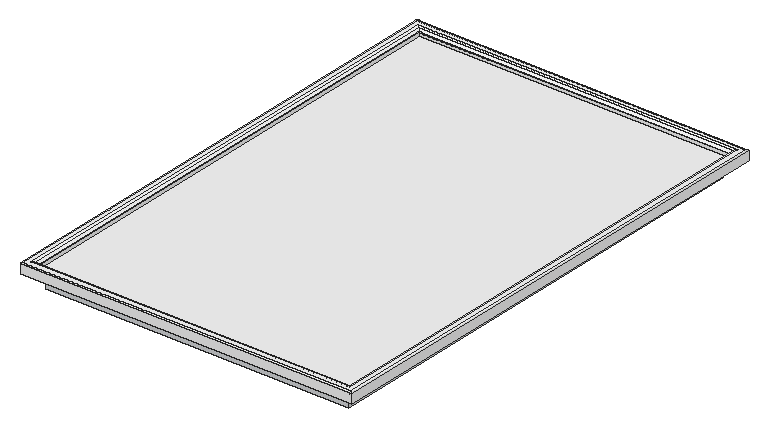
Revit family "Mirror-LED_Backlit-Bobrick-B-167_Series", category Furniture, host Face, Revit 2018
Family settings
  Host = Face
  OmniClass Number = 23.40.95.17.17
  OmniClass Title = Mirrors
  Cut with Voids When Loaded = No
  Shared = Yes
  Room Calculation Point = No
Parameters (values of type "B-167 2436")
  Width = 23 5/8"
  Watts = 22 W
  Warranty Documentation Link = "https://www.bobrick.com/wp-content/uploads/product_warranties-6.pdf"
  Voltage = 24 V
  URL = "http://bobrick.com/"
  Type Comments = ""
  Revised Date = "08/26/2021"  # constant formula
  Product Page URL = "https://www.bobrick.com/products/washroom-accessories/washroom-accessories-catalog/product/b-167-series/"
  Product Documentation Link = "https://www.bobrick.com/wp-content/uploads/B-167_td.pdf"
  Price = "Prices may vary. Please consult Manufacturer Representative for most up-to-date price list."  # constant formula
  Mounting Panel Material = Metal-Bobrick-Aluminum
  Model = "B-167 2436"
  Mirror Material = Mirror-Bobrick-PVC film backer with frosted sandblasting
  Material = "Mirror-Bobrick-PVC film backer with frosted sandblasting"  # constant formula
  Manufacturer = "Bobrick"  # constant formula
  Lumens = "2,195"
  Lamp = "LED"
  Installation Type = "Wall Mounted"
  Height = 35 3/8"
  Frame Material = Acrylic-Bobrick-Translucent
  Description = "B-167 Series \r\nLED Backlit Mirror\r\nCommercial grade mirror construction combined with LED-lights reflecting quality, value and style. Mirror and mounting panel is IP44 rated, lead free silver backing exceeds ISO 9227:201, 120 hour corrosion testing. Light engine is IP66 rated with 50,000 hours estimated life. Dimming option. 30” cord with three-prong plug 6mm safety film backed glass mirror, with backside aluminum frame with key lock holes, for both wall mounted and recessed installation."  # constant formula
  Depth = 1 3/4"
  Default Elevation = 40"
  Creation Date = "12/04/2018"  # constant formula
  Assembly Code = "E2010"
  Apparent Load = 0 VA
  ADA Compliant = yes
Types (4): name | Width | Watts | Model | Lumens | Height
  (no name) | 23 5/8" | 22 W | "B-167 2436" | "2,195" | 35 3/8"
  B-167 2448 | 23 5/8" | 27 W | "B-167 2448" | "2,655" | 47 1/4"
  B-167 2436 | 23 5/8" | 22 W | "B-167 2436" | "2,195" | 35 3/8"
  B-167 6642 | 64 177/256" | 40 W | "B-167 6642" | "4,045" | 41 87/256"
Reference planes (in)
  plane 1 "Center (Front/Back)": y = 0
  plane 2: z = 0
  plane 3 "Center (Left/Right)": x = 0
  plane 4: y = -17.6875
  plane 5: y = 17.6875
  plane 6: x = -11.8125
  plane 7: x = 11.8125
  plane 8: z = 1.75
  plane 9: z = 0
  plane 10: y = 16.9375
  plane 11: y = -16.9375
  plane 12: x = -11.0625
  plane 13: x = 11.0625
  plane 14: x = -10.8125
  plane 15: x = 10.8125
  plane 16: y = 16.6875
  plane 17: y = -16.6875
  plane 18: y = 10.6875
  plane 19: y = -10.6875
  plane 20: y = -57.6875
  plane 21: z = 1
Forms (in)
  Sweep 1, solid, material "Acrylic-Bobrick-Translucent" <- "Frame Material"
    path origin (0, 0, 0) x (1, 0, 0) y (0, 1, 0)
      loop
        line (-11.8125, 17.6875) -> (-11.8125, -17.6875) -> (11.8125, -17.6875) -> (11.8125, 17.6875) -> (-11.8125, 17.6875)
    profile origin (0, 17.6875, 0) x (0, 1, 0) y (0, 0, 1)
      loop
        line (0, 1) -> (0, 1.6573005)
        arc (0, 1.6573005) -> (-0.0271511, 1.7228489) -> (-0.0926995, 1.75) r 0.0926995
        line (-0.0926995, 1.75) -> (-0.4326735, 1.75)
        arc (-0.4326735, 1.75) -> (-0.5170339, 1.7332197) -> (-0.5885511, 1.6854334) r 0.2204442
        line (-0.5885511, 1.6854334) -> (-0.7310613, 1.5429232)
        arc (-0.7310613, 1.5429232) -> (-0.745078, 1.5219457) -> (-0.75, 1.4972012) r 0.0646607
        line (-0.75, 1.4972012) -> (-0.75, 1) -> (0, 1)
  Extrusion 2, solid, material "Metal-Bobrick-Aluminum" <- "Mounting Panel Material"
    sketch origin (0, 19.9375, 1) x (0, 1, 0) y (-1, 0, 0)
      loop
        circle (-9.25, 9.9375) r 0.1875
      loop
        line (-3.25, 10.8125) -> (-36.625, 10.8125) -> (-36.625, -10.8125) -> (-3.25, -10.8125) -> (-3.25, 10.8125)
      loop
        line (-34.875, 9.0625) -> (-34.875, -9.0625) -> (-5, -9.0625) -> (-5, 9.0625) -> (-34.875, 9.0625)
      loop
        circle (-9.25, -9.9375) r 0.1875
      loop
        circle (-30.625, 9.9375) r 0.1875
      loop
        circle (-30.625, -9.9375) r 0.1875
    from -1 to 0
  Extrusion 3, solid, material "Mirror-Bobrick-PVC film backer with frosted sandblasting" <- "Mirror Material"
    sketch origin (0, 0, 1.2373586) x (1, 0, 0) y (0, 1, 0)
      loop
        line (-11.0625, 16.9375) -> (-11.0625, -16.9375) -> (11.0625, -16.9375) -> (11.0625, 16.9375) -> (-11.0625, 16.9375)
    from 0 to 0.0629921
  Extrusion 4, solid
    sketch origin (0, 19.9375, 1) x (0, 1, 0) y (-1, 0, 0)
      loop
        circle (-11.8964844, -3.1875) r 0.25
    from -0.1887457 to 0
Lines and regions (in)
  Masking region 1
    outline origin (0, 0, 0) x (1, 0, 0) y (0, 0, 1)
      loop
        line (11.8125, 1.75) -> (-11.8125, 1.75) -> (-11.8125, 1) -> (-10.8125, 1) -> (-10.8125, 0) -> (10.8125, 0) -> (10.8125, 1) -> (11.8125, 1) -> (11.8125, 1.75)
  symbolic lines, detail levels medium+fine
    curve 1: line (-11.8125, 0, 1) -> (11.8125, 0, 1)
Dimensions and locks (in)
  "Width": plane 6 to plane 7
  host face to plane 8 = 1 3/4"
  equal spacing: plane 6, plane 3 "Center (Left/Right)", plane 7
  locked: plane 5 to plane 10 at 0.75
  equal spacing: plane 4, plane 1 "Center (Front/Back)", plane 5
  plane 10 to plane 5 = 3/4"
  "Height": plane 4 to plane 5
  locked: plane 6 to plane 12 at 0.75
  locked: plane 13 to plane 7 at 0.75
  locked: plane 4 to plane 11 at 0.75
  locked: plane 12 to plane 14 at 0.25
  locked: plane 15 to plane 13 at 0.25
  locked: plane 16 to plane 10 at 0.25
  locked: plane 17 to plane 11 at 0.25
  locked: Extrusion 2 sketch curve to Extrusion 2 sketch curve at 1.75  (x4)
  equal spacing: Extrusion 2 sketch curve, Extrusion 2 sketch curve, Extrusion 2 sketch curve  (x4)
  plane 16 to plane 18 = 6"
  plane 17 to plane 19 = 6"
  "Default Elevation": plane 20 to plane 4
  locked: plane 21 to plane 8 at 0.75
  plane 21 to plane 9 = 1"
  "Depth": plane 8 to level
  aligned and locked: plane 2 to host face
  aligned and locked: level to host face
  aligned and locked: plane 6 to Sweep 1 sketch curve
  aligned and locked: Sweep 1 sketch curve to plane 7
  aligned and locked: profile plane to Sweep 1 sketch curve
  aligned and locked: Masking region 1 sketch curve to plane 8
  aligned and locked: Masking region 1 sketch curve to Sweep 1  (x2)
  aligned and locked: Masking region 1 sketch curve to plane 7
  aligned and locked: plane 12 to Extrusion 3 sketch curve
  aligned and locked: plane 13 to Extrusion 3 sketch curve
  aligned and locked: Extrusion 2 sketch curve to plane 14
  aligned and locked: Extrusion 2 sketch curve to plane 15
  aligned and locked: plane 18 to Extrusion 2 sketch curve  (x2)
  aligned and locked: plane 19 to Extrusion 2 sketch curve  (x2)
  aligned and locked: plane 8 to Sweep 1 sketch curve
  aligned and locked: plane 21 to Sweep 1 sketch curve
  aligned and locked: Sweep 1 sketch curve to plane 10
  aligned and locked: curve 1 to Sweep 1
Automatic sketch dimensions
  host sketch curve to host sketch curve = 96"  (x2)
  Sweep 1 sketch curve to Sweep 1 sketch curve = 0.01894"
  Sweep 1 sketch curve to Sweep 1 sketch curve = 0.06466"
  Sweep 1 sketch curve to Sweep 1 sketch curve = 0.14251"
  Sweep 1 sketch curve to Sweep 1 sketch curve = 0.25267"
  profile plane to Sweep 1 sketch curve = 0.0927"
  Sweep 1 sketch curve to Sweep 1 sketch curve = 0.03235"
  plane 4 to Sweep 1 sketch curve = 0"
  plane 5 to Sweep 1 sketch curve = 0"
  Sweep 1 sketch curve to Sweep 1 sketch curve = 0.12774"
  Extrusion 3 sketch curve to plane 11 = 0"
  plane 16 to Extrusion 3 sketch curve = 1/4"
  Extrusion 2 sketch curve to plane 17 = 1 3/4"
  Extrusion 2 sketch curve to plane 16 = 1 3/4"
  plane 3 "Center (Left/Right)" to Extrusion 4 sketch curve = 3 3/16"
  Extrusion 4 sketch curve to plane 16 = 8.64648"
  plane 14 to Masking region 1 sketch curve = 0"
  Masking region 1 sketch curve to plane 15 = 0"
  Masking region 1 sketch curve to level = 0"
  Masking region 1 sketch curve to plane 21 = 0"
  curve 1 to plane 6 = 0"
  curve 1 to plane 7 = 0"
  radius of Extrusion 2 sketch curve = 3/16"  (x4)
  radius of Extrusion 4 sketch curve = 1/4"
Connectors (in)
  electrical at (3.1875, 8.0410156, 0.8112543), driven by "Voltage", driven by "Apparent Load"
    settings: on Extrusion 4, index 1, voltage 24 V, apparent load 0 VA, apparent load phase1 0 VA, apparent load phase2 0 VA, apparent load phase3 0 VA, power factor 1, load classification "Other", number of poles 1, system type 30, power factor state 1, is connector primary yes, connector utility no, sub classification motor no, connector description "120V-24V Class 2 Power Supply"
